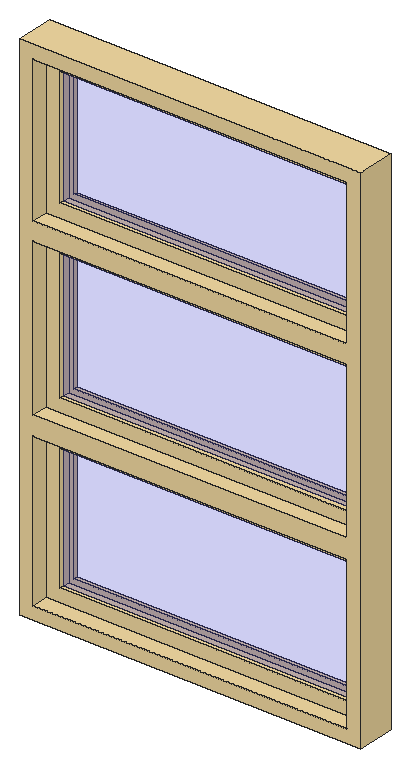
Revit family "6403-COto 62", category Windows, host Wall, Revit 2016
Family settings
  Host = Wall
  OmniClass Number = 23.30.20.00
  OmniClass Title = Windows
  Always vertical = Yes
  Cut with Voids When Loaded = No
  Shared = No
  Room Calculation Point = No
Parameters (values of type "1188x1788mm")
  top 3 [instance] = yes
  top 2 [instance] = yes
  top 1 [instance] = yes
  right 2 [instance] = no
  right 1 [instance] = no
  right 3 [instance] = no
  left 3 [instance] = no
  left 2 [instance] = no
  left 1 [instance] = no
  Sash 3 [instance] = or(top 3, right 3, left 3)  # yes
  Sash 2 [instance] = or(top 2, right 2, left 2)  # yes
  Sash 1 [instance] = or(top 1, right 1, left 1)  # yes
  Rough Width = Width + 2 * Joint  # 1212 mm
  Rough Height = Height + 2 * Joint  # 1812 mm
  Offset from wall = 40 mm
  Mullion 1 Placement = 596 mm
  Mullion 2 Placement = 1192 mm
  Manufacturer = "www.kronevinduer.dk"
  Joint = 12 mm
  Height = 1788 mm
  Frame 176mm [instance] = no
  Frame 157mm [instance] = no
  Default Sill Height = 800 mm
  Wall Closure = By host
  Width = 1188 mm
Reference planes
  plane 1 "Center (Front/Back)": y = 0
  plane 2 "Center (Left/Right)": x = 0
  plane 3 "Left": x = -594
  plane 4 "Right": x = 594
  plane 5 "Sill": z = 800
  plane 6 "Head": z = 2588
  plane 7 "Exterior": y = 100
  plane 8 "Interior": y = -100
  plane 9: y = 60
  plane 10: x = 582
  plane 11: x = -582
  plane 12: z = 812
  plane 13: z = 2576
  plane 14: z = 1694
  plane 15: z = 2004
  plane 16: z = 1408
  plane 17: z = 2290
  plane 18: z = 1706
  plane 19: z = 1110
Forms (mm)
  Sweep 1, solid, material "Wood frame"
    path origin (0, 100, 0) x (1, 0, 0) y (0, 0, 1)
      loop
        line (582, 812) -> (582, 2576) -> (-582, 2576) -> (-582, 812) -> (582, 812)
    profile "COto 62 træ-alu,karm- fast glas 45mm : COto 62 træ-alu,karm- fast glas 45mm" origin (0, 100, 812) x (0, 0, -1) y (0, -1, 0)
      loop
        line (0, 170) -> (-45, 170) -> (-45, 99) -> (-27, 99) -> (-27, 51) -> (-45, 51) -> (-45, 40) -> (0, 40) -> (0, 170)
  Sweep 2, solid, material "Wood frame", visible <- "Frame 157mm"
    path origin (0, 100, 0) x (1, 0, 0) y (0, 0, 1)
      loop
        line (582, 812) -> (582, 2576) -> (-582, 2576) -> (-582, 812) -> (582, 812)
    profile "COto 62 træ-alu,karm- fast glas 45mm-157 : COto 62 træ-alu,karm- fast glas 45mm-157" origin (0, 100, 812) x (0, 0, -1) y (0, -1, 0)
      loop
        line (0, 197) -> (-45, 197) -> (-45, 99) -> (-27, 99) -> (-27, 51) -> (-45, 51) -> (-45, 40) -> (0, 40) -> (0, 197)
  Sweep 3, solid, material "Wood frame", visible <- "Frame 176mm"
    path origin (0, 100, 0) x (1, 0, 0) y (0, 0, 1)
      loop
        line (582, 812) -> (582, 2576) -> (-582, 2576) -> (-582, 812) -> (582, 812)
    profile "COto 62 træ-alu,karm- fast glas 45mm-176 : COto 62 træ-alu,karm- fast glas 45mm-176" origin (0, 100, 812) x (0, 0, -1) y (0, -1, 0)
      loop
        line (0, 216) -> (-45, 216) -> (-45, 99) -> (-27, 99) -> (-27, 51) -> (-45, 51) -> (-45, 40) -> (0, 40) -> (0, 216)
  Extrusion 4, solid, material "Glass"
    sketch origin (-594, 0, 0) x (0, -1, 0) y (0, 0, 1)
      loop
        line (-49, 839) -> (-1, 839) -> (-1, 2549) -> (-49, 2549) -> (-49, 839)
    from -1149 to -39
  Sweep 5, solid, material "Wood frame"
    path origin (0, 100, 0) x (1, 0, 0) y (0, 0, 1)
      loop
        line (582, 2004) -> (-582, 2004)
    profile "COto 62 træ-alu, Post-fast glas 63 mm : COto 62 træ-alu, Post-fast glas 63 mm" origin (0, 100, 2004) x (0, 0, -1) y (0, -1, 0)
      loop
        line (31.5, 170) -> (-31.5, 170) -> (-31.5, 99) -> (-13.5, 99) -> (-13.5, 51) -> (-31.5, 51) -> (-31.5, 40) -> (31.5, 40) -> (31.5, 51) -> (13.5, 51) -> (13.5, 99) -> (31.5, 99) -> (31.5, 170)
  Sweep 6, solid, material "Wood frame"
    path origin (0, 100, 0) x (1, 0, 0) y (0, 0, 1)
      loop
        line (582, 1408) -> (-582, 1408)
    profile "COto 62 træ-alu, Post-fast glas 63 mm : COto 62 træ-alu, Post-fast glas 63 mm" origin (0, 100, 1408) x (0, 0, -1) y (0, -1, 0)
      loop
        line (31.5, 170) -> (-31.5, 170) -> (-31.5, 99) -> (-13.5, 99) -> (-13.5, 51) -> (-31.5, 51) -> (-31.5, 40) -> (31.5, 40) -> (31.5, 51) -> (13.5, 51) -> (13.5, 99) -> (31.5, 99) -> (31.5, 170)
  Sweep 7, solid, material "Wood frame", visible <- "Frame 157mm"
    path origin (0, 100, 0) x (1, 0, 0) y (0, 0, 1)
      loop
        line (582, 2004) -> (-582, 2004)
    profile "COto 62 træ-alu, Post-fast glas 63 mm-157 : COto 62 træ-alu, Post-fast glas 63 mm-157" origin (0, 100, 2004) x (0, 0, -1) y (0, -1, 0)
      loop
        line (31.5, 197) -> (-31.5, 197) -> (-31.5, 99) -> (-13.5, 99) -> (-13.5, 51) -> (-31.5, 51) -> (-31.5, 40) -> (31.5, 40) -> (31.5, 51) -> (13.5, 51) -> (13.5, 99) -> (31.5, 99) -> (31.5, 197)
  Sweep 8, solid, material "Wood frame", visible <- "Frame 157mm"
    path origin (0, 100, 0) x (1, 0, 0) y (0, 0, 1)
      loop
        line (582, 1408) -> (-582, 1408)
    profile "COto 62 træ-alu, Post-fast glas 63 mm-157 : COto 62 træ-alu, Post-fast glas 63 mm-157" origin (0, 100, 1408) x (0, 0, -1) y (0, -1, 0)
      loop
        line (31.5, 197) -> (-31.5, 197) -> (-31.5, 99) -> (-13.5, 99) -> (-13.5, 51) -> (-31.5, 51) -> (-31.5, 40) -> (31.5, 40) -> (31.5, 51) -> (13.5, 51) -> (13.5, 99) -> (31.5, 99) -> (31.5, 197)
  Sweep 9, solid, material "Wood frame", visible <- "Frame 176mm"
    path origin (0, 100, 0) x (1, 0, 0) y (0, 0, 1)
      loop
        line (582, 1408) -> (-582, 1408)
    profile "COto 62 træ-alu, Post-fast glas 63 mm-176 : COto 62 træ-alu, Post-fast glas 63 mm-176" origin (0, 100, 1408) x (0, 0, -1) y (0, -1, 0)
      loop
        line (31.5, 216) -> (-31.5, 216) -> (-31.5, 99) -> (-13.5, 99) -> (-13.5, 51) -> (-31.5, 51) -> (-31.5, 40) -> (31.5, 40) -> (31.5, 51) -> (13.5, 51) -> (13.5, 99) -> (31.5, 99) -> (31.5, 216)
  Sweep 10, solid, material "Wood frame", visible <- "Frame 176mm"
    path origin (0, 100, 0) x (1, 0, 0) y (0, 0, 1)
      loop
        line (582, 2004) -> (-582, 2004)
    profile "COto 62 træ-alu, Post-fast glas 63 mm-176 : COto 62 træ-alu, Post-fast glas 63 mm-176" origin (0, 100, 2004) x (0, 0, -1) y (0, -1, 0)
      loop
        line (31.5, 216) -> (-31.5, 216) -> (-31.5, 99) -> (-13.5, 99) -> (-13.5, 51) -> (-31.5, 51) -> (-31.5, 40) -> (31.5, 40) -> (31.5, 51) -> (13.5, 51) -> (13.5, 99) -> (31.5, 99) -> (31.5, 216)
  Sweep 11, solid, material "Wood frame", visible <- "Sash 1"
    path origin (0, 100, 0) x (1, 0, 0) y (0, 0, 1)
      loop
        line (555, 839) -> (555, 1394.5) -> (-555, 1394.5) -> (-555, 839) -> (555, 839)
    profile "COto 62 træ-alu,opluk-ramme : COto 62 træ-alu,opluk-ramme" origin (0, 100, 839) x (0, 0, -1) y (0, -1, 0)
      loop
        line (0, 99) -> (-18, 99) -> (-18, 114) -> (-63, 114) -> (-63, 99) -> (-45, 99) -> (-45, 51) -> (-63, 51) -> (-63, 40) -> (0, 40) -> (0, 99)
  Sweep 12, solid, material "Wood frame", visible <- "Sash 2"
    path origin (0, 100, 0) x (1, 0, 0) y (0, 0, 1)
      loop
        line (555, 1421.5) -> (555, 1990.5) -> (-555, 1990.5) -> (-555, 1421.5) -> (555, 1421.5)
    profile "COto 62 træ-alu,opluk-ramme : COto 62 træ-alu,opluk-ramme" origin (0, 100, 1421.5) x (0, 0, -1) y (0, -1, 0)
      loop
        line (0, 99) -> (-18, 99) -> (-18, 114) -> (-63, 114) -> (-63, 99) -> (-45, 99) -> (-45, 51) -> (-63, 51) -> (-63, 40) -> (0, 40) -> (0, 99)
  Sweep 13, solid, material "Wood frame", visible <- "Sash 3"
    path origin (0, 100, 0) x (1, 0, 0) y (0, 0, 1)
      loop
        line (555, 2017.5) -> (555, 2549) -> (-555, 2549) -> (-555, 2017.5) -> (555, 2017.5)
    profile "COto 62 træ-alu,opluk-ramme : COto 62 træ-alu,opluk-ramme" origin (0, 100, 2017.5) x (0, 0, -1) y (0, -1, 0)
      loop
        line (0, 99) -> (-18, 99) -> (-18, 114) -> (-63, 114) -> (-63, 99) -> (-45, 99) -> (-45, 51) -> (-63, 51) -> (-63, 40) -> (0, 40) -> (0, 99)
Cuts and joins
  joined: Sweep 1, Sweep 5, Sweep 6
  joined: Sweep 2, Sweep 7, Sweep 8
  joined: Sweep 3, Sweep 9, Sweep 10
Lines and regions (mm)
  Opening 1
    outline origin (3500, -100, 0) x (1, 0, 0) y (0, 0, 1)
      loop
        line (-2906, 800) -> (-2906, 2588) -> (-4094, 2588) -> (-4094, 800) -> (-2906, 800)
  symbolic lines
    curve 1: line (555, 100, 2549) -> (555, 100, 2302)
  symbolic lines, visible <- "top 3"
    curve 2: line (555, 100, 2549) -> (0, 100, 2017.5)
    curve 3: line (0, 100, 2017.5) -> (-555, 100, 2549)
  symbolic lines, visible <- "top 2"
    curve 4: line (555, 100, 1990.5) -> (0, 100, 1421.5)
    curve 5: line (0, 100, 1421.5) -> (-555, 100, 1990.5)
  symbolic lines, visible <- "top 1"
    curve 6: line (555, 100, 1394.5) -> (0, 100, 839)
    curve 7: line (0, 100, 839) -> (-555, 100, 1394.5)
  symbolic lines, visible <- "left 3"
    curve 8: line (555, 100, 2549) -> (-555, 100, 2290)
    curve 9: line (-555, 100, 2290) -> (555, 100, 2017.5)
  symbolic lines, visible <- "right 3"
    curve 10: line (-555, 100, 2549) -> (555, 100, 2290)
    curve 11: line (555, 100, 2290) -> (-555, 100, 2017.5)
  symbolic lines, visible <- "left 2"
    curve 12: line (555, 100, 1990.5) -> (-555, 100, 1706)
    curve 13: line (-555, 100, 1706) -> (555, 100, 1421.5)
  symbolic lines, visible <- "right 2"
    curve 14: line (-555, 100, 1990.5) -> (555, 100, 1706)
    curve 15: line (555, 100, 1706) -> (-555, 100, 1421.5)
  symbolic lines, visible <- "left 1"
    curve 16: line (555, 100, 1394.5) -> (-555, 100, 1110)
    curve 17: line (-555, 100, 1110) -> (555, 100, 839)
  symbolic lines, visible <- "right 1"
    curve 18: line (-555, 100, 1394.5) -> (555, 100, 1110)
    curve 19: line (555, 100, 1110) -> (-555, 100, 839)
Text (mm)
  text "EXTERIOR" at (-1963.203, 1332.353, 0), in view "Ref. Level"
  text "INTERIOR" at (-1981.466, -818.386, 0), in view "Ref. Level"
  text "Exterior" at (0, 923.751, 2943.296), in view "Right"
  text "Exterior" at (0, 1040.484, 2685.409), in view "Left"
Dimensions and locks
  equal spacing: plane 3 "Left", plane 2 "Center (Left/Right)", plane 4 "Right"
  "Width": plane 3 "Left" to plane 4 "Right"
  "Height": plane 5 "Sill" to plane 6 "Head"
  "Default Sill Height": plane 5 "Sill" to level
  locked: plane 7 "Exterior" to host wall at 0
  locked: plane 8 "Interior" to host wall
  "Joint": plane 13 to plane 6 "Head"
  "Joint": plane 5 "Sill" to plane 12
  "Joint": plane 3 "Left" to plane 11
  "Joint": plane 10 to plane 4 "Right"
  "Offset from wall": plane 9 to plane 7 "Exterior"
  equal spacing: plane 12, plane 14, plane 13
  "Mullion 1 Placement": plane 12 to plane 16
  equal spacing: plane 15, plane 17, plane 13
  equal spacing: plane 16, plane 18, plane 15
  equal spacing: plane 12, plane 19, plane 16
  "Mullion 2 Placement": plane 12 to plane 15
  aligned and locked: plane 12 to Sweep 1 sketch curve
  aligned and locked: plane 10 to Sweep 1 sketch curve
  aligned and locked: Sweep 1 sketch curve to plane 13
  aligned and locked: Sweep 1 sketch curve to plane 11
  aligned and locked: Extrusion 4 sketch curve to Sweep 1  (x2)
  aligned and locked: Extrusion 4 to Sweep 1  (x4)
  aligned and locked: Sweep 11 sketch curve to Extrusion 4  (x2)
  aligned and locked: Sweep 11 sketch curve to cut or joined group of Sweep 1, Sweep 5, Sweep 6  (x2)
  aligned and locked: Sweep 12 sketch curve to cut or joined group of Sweep 1, Sweep 5, Sweep 6
  aligned and locked: cut or joined group of Sweep 1, Sweep 5, Sweep 6 to Sweep 12 sketch curve  (x3)
  aligned and locked: cut or joined group of Sweep 1, Sweep 5, Sweep 6 to Sweep 13 sketch curve
  aligned and locked: Sweep 13 sketch curve to cut or joined group of Sweep 1, Sweep 5, Sweep 6
  aligned and locked: Sweep 13 sketch curve to Extrusion 4  (x2)
Automatic sketch dimensions
  Opening 1 sketch curve to plane 3 "Left" = 0 mm
  Opening 1 sketch curve to plane 4 "Right" = 0 mm
  Opening 1 sketch curve to plane 5 "Sill" = 0 mm
  Opening 1 sketch curve to plane 6 "Head" = 0 mm
  plane 11 to Sweep 2 sketch curve = 0 mm
  plane 10 to Sweep 2 sketch curve = 0 mm
  Sweep 2 sketch curve to plane 12 = 0 mm
  Sweep 2 sketch curve to plane 13 = 0 mm
  plane 11 to Sweep 3 sketch curve = 0 mm
  plane 10 to Sweep 3 sketch curve = 0 mm
  Sweep 3 sketch curve to plane 12 = 0 mm
  Sweep 3 sketch curve to plane 13 = 0 mm
  Extrusion 4 sketch curve to plane 5 "Sill" = 39 mm
  plane 6 "Head" to Extrusion 4 sketch curve = 39 mm
  plane 11 to Sweep 5 sketch curve = 0 mm
  plane 10 to Sweep 5 sketch curve = 0 mm
  Sweep 5 sketch curve to plane 15 = 0 mm
  plane 11 to Sweep 6 sketch curve = 0 mm
  plane 10 to Sweep 6 sketch curve = 0 mm
  Sweep 6 sketch curve to plane 16 = 0 mm
  plane 11 to Sweep 7 sketch curve = 0 mm
  plane 10 to Sweep 7 sketch curve = 0 mm
  Sweep 7 sketch curve to plane 15 = 0 mm
  plane 11 to Sweep 8 sketch curve = 0 mm
  plane 10 to Sweep 8 sketch curve = 0 mm
  Sweep 8 sketch curve to plane 16 = 0 mm
  plane 11 to Sweep 9 sketch curve = 0 mm
  plane 10 to Sweep 9 sketch curve = 0 mm
  Sweep 9 sketch curve to plane 16 = 0 mm
  plane 11 to Sweep 10 sketch curve = 0 mm
  plane 10 to Sweep 10 sketch curve = 0 mm
  Sweep 10 sketch curve to plane 15 = 0 mm
  curve 17 to plane 19 = 0 mm
  curve 13 to plane 18 = 0 mm
  curve 9 to plane 17 = 0 mm
  plane 2 "Center (Left/Right)" to curve 2 = 0 mm
  plane 2 "Center (Left/Right)" to curve 7 = 0 mm
  plane 2 "Center (Left/Right)" to curve 4 = 0 mm
  curve 10 to plane 17 = 0 mm
  curve 14 to plane 18 = 0 mm
  curve 18 to plane 19 = 0 mm
  curve 8 to plane 11 = 27 mm
  curve 7 to plane 11 = 27 mm
  curve 10 to plane 11 = 27 mm
  curve 5 to plane 11 = 27 mm
  curve 12 to plane 11 = 27 mm
  curve 16 to plane 11 = 27 mm
  plane 10 to curve 12 = 27 mm
  plane 10 to curve 6 = 27 mm
  plane 10 to curve 10 = 27 mm
  plane 10 to curve 14 = 27 mm
  plane 10 to curve 8 = 27 mm
  plane 12 to curve 7 = 27 mm
  curve 18 to plane 16 = 13.5 mm
  curve 6 to plane 16 = 13.5 mm
  plane 16 to curve 4 = 13.5 mm
  curve 12 to plane 15 = 13.5 mm
  curve 14 to plane 15 = 13.5 mm
  plane 15 to curve 3 = 13.5 mm
  curve 3 to plane 13 = 27 mm
  curve 2 to plane 13 = 27 mm
  curve 11 to curve 5 = 0 mm
  curve 15 to curve 7 = 0 mm
  curve 19 to plane 11 = 27 mm
  plane 10 to curve 13 = 27 mm
  plane 10 to curve 17 = 27 mm
  plane 10 to curve 9 = 27 mm
  plane 10 to curve 18 = 27 mm
  plane 12 to curve 19 = 27 mm
  plane 12 to curve 17 = 27 mm
  plane 16 to curve 13 = 13.5 mm
  plane 16 to curve 15 = 13.5 mm
  plane 15 to curve 9 = 13.5 mm
  plane 15 to curve 11 = 13.5 mm
  curve 10 to curve 1 = 12 mm
